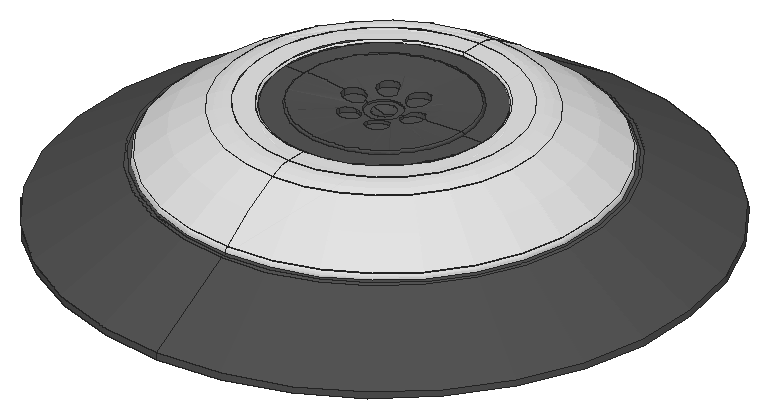
Revit family "Light-BigAssFan-Haiku-Series", category Electrical Fixtures, host Face, Revit 2012
Parameters (values of type "Premier Model")
  Weight = 2.30 lbf  # constant formula
  Wattage Min = 20.5 VA  # 20.5 W
  Wattage Max = 20.5 VA  # 20.5 W
  Warranty = "5 years"  # constant formula
  Units = Metal - Big Ass Fan - Black
  Sensors = "Occupancy And Temperature"  # constant formula
  Product Page URL = "https://www.haikuhome.com/explore/haiku-light"
  Power Input = "100–277 V"  # constant formula
  Mounting = "Recessed Can Housing Or Outlet Box"  # constant formula
  Lumens = 1378 lm  # constant formula
  Light = Bulb - Big Ass Fan - White
  IP rating = "IP52"  # constant formula
  URL = "http://www.bigassfans.com/"
  Model Number = "10R-01-01-A0-A-01-1.2-01-XXX-HKL"
  Finishes = "Polished Aluminum,Oil-Rubbed Bronze,Satin Nickel,Black,White"
  Environment = "Indoor And Covered Outdoor Use"  # constant formula
  Efficacy = 67.2 lm/W  # constant formula
  Dimming = "0–97.5%"  # constant formula
  Diameter = 9 179/256"
  Description = "Haiku Light"  # constant formula
  Revit Object Download Link = "http://library.smartbim.com/download/Light-BigAssFan-Haiku-Series"
  Model = "Premier Model"
  Manufacturer = "Big Ass Fans"  # constant formula
  Default Elevation = 0"
  Controller = "Haiku Home App; Handheld Remote Supplied"  # constant formula
  Color Temperature = "2200–5000 K"
  CRI = "85.8"  # constant formula
  Amperage = "0.12 – 0.17 A"  # constant formula
  Ambient Operating Temperature = "104° F (40° C)"  # constant formula
Types (3): name | Units | Model Number | Finishes | Model | Color Temperature
  (no name) | Metal - Big Ass Fan - Black | "10R-01-01-A0-A-01-1.2-01-XXX-HKL" | "Polished Aluminum,Oil-Rubbed Bronze,Satin Nickel,Black,White" | "Premier Model" | "2200–5000 K"
  Premier Model | Metal - Big Ass Fan - Black | "10R-01-01-A0-A-01-1.2-01-XXX-HKL" | "Polished Aluminum,Oil-Rubbed Bronze,Satin Nickel,Black,White" | "Premier Model" | "2200–5000 K"
  Select Model | Metal - Big Ass Fan - Oil-Rubbed - Bronze | "10R-01-01-A0-F-02-1.2-01-XXX-HKL" | "Black,White" | "Select Model" | "2700 K"
Reference planes (in)
  plane 1 "Center (Front/Back)": y = 0
  plane 2: z = 0
  plane 3 "Center (Left/Right)": x = 0
  plane 4: y = 4.84961
  plane 5: y = -4.84961
  plane 6: z = 1.8
Dimensions and locks (in)
  equal spacing: plane 4, plane 1 "Center (Front/Back)", plane 5
  "Diameter": plane 4 to plane 5
  plane 6 to host face = 1.8"
  aligned and locked: plane 2 to host face
  aligned and locked: level to host face
Automatic sketch dimensions
  host sketch curve to host sketch curve = 96"  (x2)
Nested families (in)
  nested 1: "Haiku" at (0, 0, 0), type "Haiku"
Definition of nested family "Haiku"
  Parameters (values of type "Haiku")
    Units = Metal - Big Ass Fan - Black
    Light = Bulb - Big Ass Fan - White
    Depth = 9 179/256"
    Bottom Plate = Metal - Big Ass Fan - Black
  Reference planes (in)
    plane 1 "Center (Front/Back)": y = 0
    plane 2: z = 0
    plane 3 "Center (Left/Right)": x = 0
    plane 4: y = 4.84961
    plane 5: y = -4.84961
    plane 6: y = 1.67177
    plane 7: y = 1.31115
    plane 8: z = 1.79883
  Forms (in)
    Revolve 1, solid, material "Metal - Big Ass Fan - Black" <- "Units"
      sketch origin (0, 0, 1.79687) x (0, 1, 0) y (0, 0, -1)
        loop
          line (4.84961, 1.79687) -> (0, 1.79687) -> (0, 0.84126) -> (3.41756, 0.84126)
          arc (3.41756, 0.84126) -> (3.44466, 0.84473) -> (3.47001, 0.85491) r 0.10758
          arc (3.47001, 0.85491) -> (4.16844, 1.26383) -> (4.84961, 1.70088) r 19.85
          line (4.84961, 1.70088) -> (4.84961, 1.79687)
        axis (0, 1.79687) -> (0, 0.84126)
      angle from 0 to 360
    Revolve 2, solid, material "Bulb - Big Ass Fan - White" <- "Light"
      sketch origin (0, 0, 1.79687) x (0, 1, 0) y (0, 0, -1)
        loop
          line (0, 0.84126) -> (0, 0.17965) -> (1.68349, 0.17965) -> (1.68349, 0.04309)
          arc (1.68349, 0.04309) -> (1.69355, 0.0188) -> (1.71784, 0.00874) r 0.03435
          line (1.71784, 0.00874) -> (2.03343, 0.00874)
          arc (2.03343, 0.00874) -> (2.2138, 0.02981) -> (2.38447, 0.09189) r 0.7826
          arc (2.38447, 0.09189) -> (2.88527, 0.38753) -> (3.34127, 0.74848) r 4.27078
          arc (3.34127, 0.74848) -> (3.36858, 0.79089) -> (3.37112, 0.84126) r 0.09775
          line (3.37112, 0.84126) -> (0, 0.84126)
        axis (0, 0.84126) -> (0, 0.00874)
      angle from 0 to 360
    Revolve 3, solid, material "Metal - Big Ass Fan - Black" <- "Bottom Plate"
      sketch origin (0, 0, 0) x (1, 0, 0) y (0, 0, 1)
        loop
          arc (-1.31991, 1.799) -> (-1.34335, 1.7864) -> (-1.34555, 1.75987) r 0.02789
          line (-1.34555, 1.75987) -> (-1.67192, 1.75987) -> (-1.67192, 1.61722) -> (0, 1.61722)
          arc (0, 1.61722) -> (-0.65391, 1.75198) -> (-1.31991, 1.799) r 5.0328
        axis (0, 1.61722) -> (0, 1.799)
      angle from 0 to 360
    Extrusion 4, void
      sketch origin (0, 0, 0) x (1, 0, 0) y (0, 1, 0)
        loop
          circle (0, 0.01563) r 0.28294
        loop
          circle (0.49506, 0.01167) r 0.17653
        loop
          circle (-0.50288, 0.01167) r 0.17653
        loop
          circle (-0.25721, -0.41955) r 0.17271
        loop
          circle (0.24405, -0.42345) r 0.18055
        loop
          circle (-0.2494, 0.44299) r 0.17271
        loop
          circle (0.24405, 0.44689) r 0.18055
      from 1.66226 to 12
  Cuts and joins
    Extrusion 4 cuts Revolve 1
    Extrusion 4 cuts Revolve 2
    Extrusion 4 cuts Revolve 3
  Dimensions and locks (in)
    equal spacing: plane 4, plane 1 "Center (Front/Back)", plane 5
    "Depth": plane 4 to plane 5
    aligned and locked: plane 2 to level
    aligned and locked: Revolve 2 sketch curve to Revolve 2 sketch curve
  Automatic sketch dimensions
    Revolve 1 sketch curve to level = 0"  (x2)
    Revolve 1 sketch curve to plane 1 "Center (Front/Back)" = 0"  (x2)
    Revolve 1 sketch curve to plane 4 = 0"
    Revolve 1 sketch curve to plane 5 = 1.35846"
    Revolve 1 sketch curve to plane 8 = 0.84321"
    Revolve 1 sketch curve to plane 4 = 1.43204"
    Revolve 1 sketch curve to Revolve 1 sketch curve = 0.05245"
    Revolve 1 sketch curve to Revolve 1 sketch curve = 0"
    Revolve 1 sketch curve to Revolve 1 sketch curve = 0.01365"
    Revolve 1 sketch curve to Revolve 1 sketch curve = 1/4"
    Extrusion 4 sketch curve to plane 3 "Center (Left/Right)" = 0"
    Extrusion 4 sketch curve to plane 3 "Center (Left/Right)" = 0.2494"
    Extrusion 4 sketch curve to plane 3 "Center (Left/Right)" = 0.25721"
    Extrusion 4 sketch curve to plane 1 "Center (Front/Back)" = 0.01167"  (x2)
    Extrusion 4 sketch curve to Extrusion 4 sketch curve = 0.24566"
    plane 3 "Center (Left/Right)" to Extrusion 4 sketch curve = 0.24405"  (x2)
    plane 3 "Center (Left/Right)" to Extrusion 4 sketch curve = 0.49506"
    plane 1 "Center (Front/Back)" to Extrusion 4 sketch curve = 0.41955"
    plane 1 "Center (Front/Back)" to Extrusion 4 sketch curve = 0.42345"
    Extrusion 4 sketch curve to plane 1 "Center (Front/Back)" = 1/64"
    Extrusion 4 sketch curve to plane 1 "Center (Front/Back)" = 0.44299"
    Extrusion 4 sketch curve to plane 1 "Center (Front/Back)" = 0.44689"
    Revolve 3 sketch curve to plane 3 "Center (Left/Right)" = 0"  (x2)
    plane 8 to Revolve 3 sketch curve = 0.00017"
    Revolve 3 sketch curve to plane 3 "Center (Left/Right)" = 1.31991"
    Revolve 3 sketch curve to Revolve 3 sketch curve = 0"  (x2)
    Revolve 3 sketch curve to plane 8 = 0.02772"
    Revolve 3 sketch curve to Revolve 3 sketch curve = 0.00011"
    Revolve 3 sketch curve to plane 3 "Center (Left/Right)" = 1.34055"
    Revolve 3 sketch curve to Revolve 3 sketch curve = 0.02552"
    Revolve 3 sketch curve to Revolve 3 sketch curve = 0.32638"
    Revolve 3 sketch curve to Revolve 3 sketch curve = 0.05886"
    Revolve 2 sketch curve to plane 1 "Center (Front/Back)" = 0"
    plane 6 to Revolve 2 sketch curve = 3/256"
    Revolve 2 sketch curve to plane 1 "Center (Front/Back)" = 0.46878"
    Revolve 2 sketch curve to plane 8 = 0.01069"
    plane 6 to Revolve 2 sketch curve = 0.04607"
    Revolve 2 sketch curve to Revolve 2 sketch curve = 0.31558"
    Revolve 2 sketch curve to plane 8 = 0.09384"
    Revolve 2 sketch curve to Revolve 2 sketch curve = 0.35104"
    Revolve 2 sketch curve to Revolve 2 sketch curve = 0"  (x3)
    Revolve 2 sketch curve to Revolve 2 sketch curve = 0.89106"
    Revolve 2 sketch curve to Revolve 2 sketch curve = 0.06575"
    Revolve 2 sketch curve to Revolve 2 sketch curve = 0.02984"
    Revolve 2 sketch curve to plane 8 = 0.18161"
    Revolve 2 sketch curve to Revolve 2 sketch curve = 0.24534"
    radius of Extrusion 4 sketch curve = 0.28294"
    radius of Extrusion 4 sketch curve = 0.17653"  (x2)
    radius of Extrusion 4 sketch curve = 0.17271"  (x2)
    radius of Extrusion 4 sketch curve = 0.18055"  (x2)
